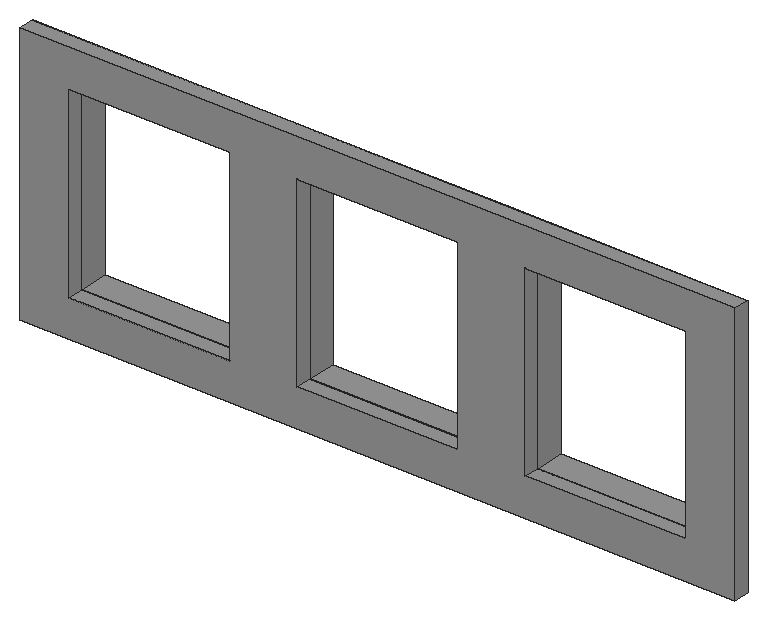
Revit family "IEK_РамкаТрехместная_Горизонтальная_IP20_КВАРТА", category Обобщенные модели, Revit 2019
Family settings
  Может служить основой для арматурных стержней = Нет
  Размер круглого соединителя = Использовать диаметр
  Тип детали = Нормальный
  На основе рабочей плоскости = Нет
  Всегда вертикально = Да
  При загрузке вырезать с полостями = Нет
  Общий = Нет
  Точка расчета площади = Нет
Parameters (values of type "РГ-3-ККм")
  Ширина = 225 mm  # constant formula
  Степень защиты = "IP20"  # constant formula
  Изготовитель = "IEK"  # constant formula
  Дата изменения = ""
  Высота = 81 mm  # constant formula
  KSI_CPr_Строительные изделия = ""
  KSI_CMa_Строительные материалы = "01.7.14.03"  # constant formula
  IEK_Цена за единицу = 88.27
  IEK_Поиск в таблице имен = ""
  IEK_Описание = "Классический дизайн, проверенный временем и востребованный различными категориями потребителей, позволяет устанавливать изделия серии \"КВАРТА\" в квартирах, загородных домах, офисных и производственных помещениях."
  IEK_URL = "https://www.iek.ru/products/catalog/izdeliya_elektroustanovochnye_udliniteli_i_silovye_razemy/elektroustanovochnye_izdeliya/elektroustanovochnye_izdeliya_skrytogo_montazha/elektroustanovochnye_izdeliya_kvarta/elektroustanovochnye_izdeliya_kvarta_tsvet_kremovyy/ramka_3_mestnaya_gorizontalnaya_rg_3_kkm_kvarta_kremovyy_iek"
  ADSK_Примечание = ""
  ADSK_Позиция [instance] = ""
  ADSK_Наименование = "Рамка 3-местная горизонтальная РГ-3-ККм КВАРТА кремовый IEK"
  ADSK_Материал обозначение = ""
  ADSK_Материал наименование = "Пластик"  # constant formula
  ADSK_Материал = Цвет кремовый
  ADSK_Масса = 0.042
  ADSK_Марка = "КВАРТА"  # constant formula
  ADSK_Код изделия = "EMK30-K33-DM"
  ADSK_Завод-изготовитель = "IEK"  # constant formula
  ADSK_Единица измерения = "шт"  # constant formula
  ADSK_Группирование = "III ЭЛЕКТРОУСТАНОВОЧНЫЕ И ЭЛЕКТРОМОНТАЖНЫЕ ИЗДЕЛИЯ"  # constant formula
  ADSK_Версия семейства = "1.0"  # constant formula
  ADSK_Версия Revit = "2019"  # constant formula
  ADSK_URL страницы изделия = "https://www.iek.ru/products/catalog/izdeliya_elektroustanovochnye_udliniteli_i_silovye_razemy/elektroustanovochnye_izdeliya/elektroustanovochnye_izdeliya_skrytogo_montazha/elektroustanovochnye_izdeliya_kvarta/?pagec=100"
Types (3, lengths in mm): name | IEK_Цена за единицу | IEK_URL | ADSK_Наименование | ADSK_Материал | ADSK_Масса | ADSK_Код изделия
  (no name) | 88.27 | "https://www.iek.ru/products/catalog/izdeliya_elektroustanovochnye_udliniteli_i_silovye_razemy/elektroustanovochnye_izdeliya/elektroustanovochnye_izdeliya_skrytogo_montazha/elektroustanovochnye_izdeliya_kvarta/elektroustanovochnye_izdeliya_kvarta_tsvet_kremovyy/ramka_3_mestnaya_gorizontalnaya_rg_3_kkm_kvarta_kremovyy_iek" | "Рамка 3-местная горизонтальная РГ-3-ККм КВАРТА кремовый IEK" | Цвет кремовый | 0.042 | "EMK30-K33-DM"
  РГ-3-КБ | 95.32 | "https://www.iek.ru/products/catalog/izdeliya_elektroustanovochnye_udliniteli_i_silovye_razemy/elektroustanovochnye_izdeliya/elektroustanovochnye_izdeliya_skrytogo_montazha/elektroustanovochnye_izdeliya_kvarta/elektroustanovochnye_izdeliya_kvarta_tsvet_belyy/ramka_3_mestnaya_gorizontalnaya_rg_3_kb_kvarta_belyy_iek" | "Рамка 3-местная горизонтальная РГ-3-КБ КВАРТА белый IEK" | Цвет белый | 0.044 | "EMK30-K01-DM"
  РГ-3-ККм | 88.27 | "https://www.iek.ru/products/catalog/izdeliya_elektroustanovochnye_udliniteli_i_silovye_razemy/elektroustanovochnye_izdeliya/elektroustanovochnye_izdeliya_skrytogo_montazha/elektroustanovochnye_izdeliya_kvarta/elektroustanovochnye_izdeliya_kvarta_tsvet_kremovyy/ramka_3_mestnaya_gorizontalnaya_rg_3_kkm_kvarta_kremovyy_iek" | "Рамка 3-местная горизонтальная РГ-3-ККм КВАРТА кремовый IEK" | Цвет кремовый | 0.042 | "EMK30-K33-DM"
Reference planes
  plane 1 "По центру (Вперед/Назад)": y = 0
  plane 2: z = 0
  plane 3 "По центру (Влево/Вправо)": x = 0
  plane 4 "Высота ножек": z = 280
  plane 5 "Высота": z = 2081.496
Forms (mm)
  Extrusion 1, solid, detail levels coarse+medium
    sketch origin (-112.5, 0, 40.5) x (0, 0, -1) y (0, 1, 0)
      loop
        line (-40.5, 0) -> (40.5, 0) -> (40.5, 4) -> (-40.5, 4) -> (-40.5, 0)
    from 0 to 225
  Extrusion 2, solid, material "Цвет кремовый" <- "ADSK_Материал", detail levels fine
    sketch origin (-1.25, 0, 40.5) x (-1, 0, 0) y (0, 0, 1)
      loop
        line (-111.25, 40.75) -> (-111.25, -40.75) -> (111.25, -40.75) -> (111.25, 40.75) -> (-111.25, 40.75)
    from 0 to 5
  Blend 3, solid, material "Цвет кремовый" <- "ADSK_Материал", detail levels fine
    base sketch origin (34.25, 0, 40.5) x (-1, 0, 0) y (0, 0, 1)
      loop
        line (-75.75, 40.75) -> (-75.75, -40.75) -> (0, -40.75) -> (0, 40.75) -> (-75.75, 40.75)
    top sketch origin (34.25, 0, 40.5) x (-1, 0, 0) y (0, 0, 1)
      loop
        line (-10.5, -29) -> (-10.5, 29) -> (-60.5, 29) -> (-60.5, -29) -> (-10.5, -29)
    from 5 to 14
  Extrusion 4, void
    sketch origin (34.25, 0, 40.5) x (-1, 0, 0) y (0, 0, 1)
      loop
        line (-60.5, 29) -> (-60.5, -29) -> (-10.5, -29) -> (-10.5, 29) -> (-60.5, 29)
      loop
        line (10.5, 29) -> (10.5, -29) -> (60.5, -29) -> (60.5, 29) -> (10.5, 29)
      loop
        line (81.5, 29) -> (81.5, -29) -> (131.5, -29) -> (131.5, 29) -> (81.5, 29)
    from 0 to 14
  Blend 5, solid, material "Цвет кремовый" <- "ADSK_Материал", detail levels fine
    base sketch origin (-36.75, 0, 40.5) x (1, 0, 0) y (0, 0, -1)
      loop
        line (-75.75, -40.75) -> (0, -40.75) -> (0, 40.75) -> (-75.75, 40.75) -> (-75.75, -40.75)
    top sketch origin (-36.75, 0, 40.5) x (1, 0, 0) y (0, 0, -1)
      loop
        line (-60.5, 29) -> (-60.5, -29) -> (-10.5, -29) -> (-10.5, 29) -> (-60.5, 29)
    from 5 to 14
  Blend 6, solid, material "Цвет кремовый" <- "ADSK_Материал", detail levels fine
    base sketch origin (-36.75, 0, 40.5) x (-1, 0, 0) y (0, 0, 1)
      loop
        line (-71, 40.75) -> (-71, -40.75) -> (0, -40.75) -> (0, 40.75) -> (-71, 40.75)
    top sketch origin (-36.75, 0, 40.5) x (-1, 0, 0) y (0, 0, 1)
      loop
        line (-10.5, -29) -> (-10.5, 29) -> (-60.5, 29) -> (-60.5, -29) -> (-10.5, -29)
    from 5 to 14
Cuts and joins
  Extrusion 4 cuts Extrusion 2
  Extrusion 4 cuts Blend 3
  Extrusion 4 cuts Blend 6
  Extrusion 4 cuts Blend 5
Dimensions and locks
  locked: plane 4 "Высота ножек" to plane 2 at 280
  plane 5 "Высота" to plane 4 "Высота ножек" = 1801.496 mm
  aligned and locked: level to plane 2
